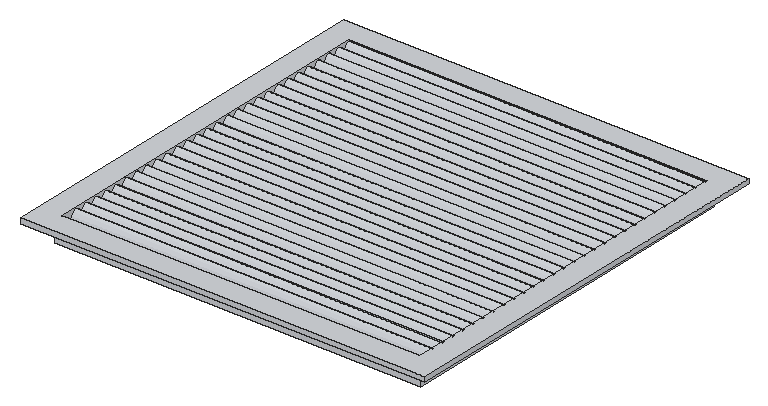
Revit family "R-1", category Air Terminals, host Face, Revit 2025
Family settings
  Host = Face
  Round Connector Dimension = Use Diameter
  Part Type = Normal
  Cut with Voids When Loaded = Yes
  Maintain Annotation Orientation = No
  Shared = No
  Room Calculation Point = No
Parameters (values of type "23RL")
  x = S - 1"  # 21 1/4"
  URL = "https://www.titus-hvac.com/products/Grilles/23RL"
  Type Comments = ""
  S - 3/4" = (S - 3/4") / 2  # 10 3/4"
  Model = "23RL"
  Manufacturer = "TITUS"
  Flow [instance] = 1200 CFM
  D' [instance] = D / 2  # 8"
  S - 1/2" = (S - 1/2") / 2  # 10 7/8"
  S + 1 3/4" = (S + 1 3/4") / 2  # 12"
  S = 22 1/4"
  Default Elevation = 48"
  D [instance] = 16"
  Blade Count = rounddown(S / (3/4")) - 1  # 28
Reference planes (in)
  plane 1 "Center (Front/Back)": y = 0
  plane 2: z = 0
  plane 3 "Center (Left/Right)": x = 0
  plane 4: y = 10.625
  plane 5: y = -10.625
  plane 6: x = 0
  plane 7: y = 0
Forms (in)
  Sweep 1, solid, detail levels medium+fine
    path origin (0, 0, 0) x (1, 0, 0) y (0, 1, 0)
      loop
        line (-11.125, 11.125) -> (-11.125, -11.125) -> (11.125, -11.125) -> (11.125, 11.125) -> (-11.125, 11.125)
    profile origin (0, 11.125, 0) x (0, 1, 0) y (0, 0, 1)
      loop
        line (-0.5, 0.125) -> (-0.5, -1.125) -> (-0.375, -1.125) -> (-0.375, 0) -> (0.75, 0) -> (0.75, -0.15671) -> (0.875, -0.15671) -> (0.875, 0.125) -> (-0.5, 0.125)
      loop
        line (-0.33748, -0.875) -> (-0.33748, -1.17973) -> (-3.25, -1.17973) -> (-3.25, -2.75) -> (-2.69819, -2.75) -> (-2.69819, -2.625) -> (-3.125, -2.625) -> (-3.125, -1.30473) -> (-0.25, -1.30473) -> (-0.25, -0.875) -> (-0.33748, -0.875)
  Extrusion 2, void
    sketch origin (0, 0, 0) x (1, 0, 0) y (0, 1, 0)
      loop
        line (-11.625, 11.625) -> (-11.625, -11.625) -> (11.625, -11.625) -> (11.625, 11.625) -> (-11.625, 11.625)
    from -0.875 to 0.37471
Lines and regions (in)
  symbolic lines, not visible
    curve 1: line (-18.4983, 15.79612, 0) -> (19.7517, 15.79612, 0)
    curve 2: line (-18.4983, -20.95388, 0) -> (-18.4983, 15.79612, 0)
    curve 3: line (19.7517, -20.95388, 0) -> (-18.4983, -20.95388, 0)
    curve 4: line (19.7517, 15.79612, 0) -> (19.7517, -20.95388, 0)
Dimensions and locks (in)
  equal spacing: Sweep 1 sketch curve, plane 3 "Center (Left/Right)", Sweep 1 sketch curve
  equal spacing: Sweep 1 sketch curve, plane 1 "Center (Front/Back)", Sweep 1 sketch curve
  "S": Sweep 1 sketch curve to Sweep 1 sketch curve  (x2)
  "S - 3/4"": plane 1 "Center (Front/Back)" to Sweep 1 sketch curve
  "S - 1/2"": plane 1 "Center (Front/Back)" to Sweep 1 sketch curve
  "S + 1 3/4"": plane 1 "Center (Front/Back)" to Sweep 1 sketch curve
  Sweep 1 sketch curve to plane 2 = 1 1/8"
  Sweep 1 sketch curve to Sweep 1 sketch curve = 2 7/8"
  "D'": plane 1 "Center (Front/Back)" to Sweep 1 sketch curve
  Sweep 1 sketch curve to Sweep 1 sketch curve = 1/8"  (x5)
  Sweep 1 sketch curve to Sweep 1 sketch curve = 0.28171"
  equal spacing: plane 5, plane 1 "Center (Front/Back)", plane 4
  "x": plane 5 to plane 4
  aligned and locked: plane 2 to host face
  aligned and locked: level to host face
  aligned and locked: nested 1 to plane 4
  aligned and locked: plane 5 to nested 1
  aligned and locked: plane 1 "Center (Front/Back)" to nested 2
Automatic sketch dimensions
  host sketch curve to host sketch curve = 96"  (x2)
  Extrusion 2 sketch curve to plane 3 "Center (Left/Right)" = 11 5/8"
  plane 3 "Center (Left/Right)" to Extrusion 2 sketch curve = 11 5/8"
  plane 1 "Center (Front/Back)" to Extrusion 2 sketch curve = 11 5/8"
  Extrusion 2 sketch curve to plane 1 "Center (Front/Back)" = 11 5/8"
  Sweep 1 sketch curve to level = 0"
  Sweep 1 sketch curve to Sweep 1 sketch curve = 0.42681"
  Sweep 1 sketch curve to Sweep 1 sketch curve = 0.08748"
  Sweep 1 sketch curve to Sweep 1 sketch curve = 1/8"
  Sweep 1 sketch curve to level = 1.30473"
  Sweep 1 sketch curve to Sweep 1 sketch curve = 1/4"
Nested families (in)
  nested 1: "Blades" at (0, 10.625, -0.88439) x (0, -1, 0) z (0, 0, 1), type "Family2", detail levels medium+fine
    with Width 21 1/4", built-in parameter 1001306 1.7708 (stored number, unit not read), Count 28
  nested 2: "Family4" at (0, 0, 0), type "Family4", detail levels coarse
Connectors (in)
  hvac at (0, 0, -2.75), driven by "D", driven by "D", driven by "Flow"
    settings: on Sweep 1, index 1, duct flow 1200 CFM, flow factor 0, pres drop 0.00 in-wg, loss coef 0, conn angle 0.00°, conn width 16", conn height 16", conn diameter 24", duct sys type 2, conn prof type 1, flow config 1, flow direction 1, loss method 4, conn ref index -1, conn util no, is conn primary yes, conn desc ""
Definition of nested family "Blades"
  Parameters (values of type "Family2")
    Width [instance] = 27.05847"
    built-in parameter 1001306 [instance] = Width  # 27.05847"
    Default Elevation = 0"
    Count [instance] = round([built-in parameter 1001306] / (3/4"))  # 36
  Reference planes (in)
    plane 1 "Center (Front/Back)": y = 0
    plane 2: z = 0
    plane 3 "Left": x = 0
    plane 4 "Right": x = 27.05847
    plane 5: x = 27.05847
  Lines and regions (in)
    reference lines
      curve 1: line (0, 0, 0) -> (27.05847, 0, 0)
  Dimensions and locks (in)
    "built-in parameter 1001306": plane 3 "Left" to plane 4 "Right"
    equal spacing: group 1, group 2, group 3, group 4, group 5, group 6, group 7, group 8, group 9, group 10, group 11, group 12, group 13, group 14, group 15, group 16, group 17, group 18, group 19, group 20, group 21, group 22, group 23, group 24, group 25, group 26, group 27, group 28, group 29, group 30, group 31, group 32, group 33, group 34, group 35, group 36  (x3)
    aligned and locked: plane 4 "Right" to curve 1
    aligned and locked: plane 1 "Center (Front/Back)" to curve 1
    aligned and locked: plane 3 "Left" to curve 1
    aligned and locked: level to plane 2
    aligned and locked: plane 5 to plane 4 "Right"
  Nested families (in)
    nested 1: "Family3" at (0, 0, 0) x (0, 1, 0) z (0, 0, 1), type "Family3"
      with Width 27.05847"
    nested 2: "Family3" at (0.75, 0, 0) x (0, 1, 0) z (0, 0, 1), type "Family3"
      with Width 27.05847"
    nested 3: "Family3" at (1.5, 0, 0) x (0, 1, 0) z (0, 0, 1), type "Family3"
      with Width 27.05847"
    nested 4: "Family3" at (2.25, 0, 0) x (0, 1, 0) z (0, 0, 1), type "Family3"
      with Width 27.05847"
    nested 5: "Family3" at (3, 0, 0) x (0, 1, 0) z (0, 0, 1), type "Family3"
      with Width 27.05847"
    nested 6: "Family3" at (3.75, 0, 0) x (0, 1, 0) z (0, 0, 1), type "Family3"
      with Width 27.05847"
    nested 7: "Family3" at (4.5, 0, 0) x (0, 1, 0) z (0, 0, 1), type "Family3"
      with Width 27.05847"
    nested 8: "Family3" at (5.25, 0, 0) x (0, 1, 0) z (0, 0, 1), type "Family3"
      with Width 27.05847"
    nested 9: "Family3" at (6, 0, 0) x (0, 1, 0) z (0, 0, 1), type "Family3"
      with Width 27.05847"
    nested 10: "Family3" at (6.75, 0, 0) x (0, 1, 0) z (0, 0, 1), type "Family3"
      with Width 27.05847"
    nested 11: "Family3" at (7.5, 0, 0) x (0, 1, 0) z (0, 0, 1), type "Family3"
      with Width 27.05847"
    nested 12: "Family3" at (8.25, 0, 0) x (0, 1, 0) z (0, 0, 1), type "Family3"
      with Width 27.05847"
    nested 13: "Family3" at (9, 0, 0) x (0, 1, 0) z (0, 0, 1), type "Family3"
      with Width 27.05847"
    nested 14: "Family3" at (9.75, 0, 0) x (0, 1, 0) z (0, 0, 1), type "Family3"
      with Width 27.05847"
    nested 15: "Family3" at (10.5, 0, 0) x (0, 1, 0) z (0, 0, 1), type "Family3"
      with Width 27.05847"
    nested 16: "Family3" at (11.25, 0, 0) x (0, 1, 0) z (0, 0, 1), type "Family3"
      with Width 27.05847"
    nested 17: "Family3" at (12, 0, 0) x (0, 1, 0) z (0, 0, 1), type "Family3"
      with Width 27.05847"
    nested 18: "Family3" at (12.75, 0, 0) x (0, 1, 0) z (0, 0, 1), type "Family3"
      with Width 27.05847"
    nested 19: "Family3" at (13.5, 0, 0) x (0, 1, 0) z (0, 0, 1), type "Family3"
      with Width 27.05847"
    nested 20: "Family3" at (14.25, 0, 0) x (0, 1, 0) z (0, 0, 1), type "Family3"
      with Width 27.05847"
    nested 21: "Family3" at (15, 0, 0) x (0, 1, 0) z (0, 0, 1), type "Family3"
      with Width 27.05847"
    nested 22: "Family3" at (15.75, 0, 0) x (0, 1, 0) z (0, 0, 1), type "Family3"
      with Width 27.05847"
    nested 23: "Family3" at (16.5, 0, 0) x (0, 1, 0) z (0, 0, 1), type "Family3"
      with Width 27.05847"
    nested 24: "Family3" at (17.25, 0, 0) x (0, 1, 0) z (0, 0, 1), type "Family3"
      with Width 27.05847"
    nested 25: "Family3" at (18, 0, 0) x (0, 1, 0) z (0, 0, 1), type "Family3"
      with Width 27.05847"
    nested 26: "Family3" at (18.75, 0, 0) x (0, 1, 0) z (0, 0, 1), type "Family3"
      with Width 27.05847"
    nested 27: "Family3" at (19.5, 0, 0) x (0, 1, 0) z (0, 0, 1), type "Family3"
      with Width 27.05847"
    nested 28: "Family3" at (20.25, 0, 0) x (0, 1, 0) z (0, 0, 1), type "Family3"
      with Width 27.05847"
    nested 29: "Family3" at (21, 0, 0) x (0, 1, 0) z (0, 0, 1), type "Family3"
      with Width 27.05847"
    nested 30: "Family3" at (21.75, 0, 0) x (0, 1, 0) z (0, 0, 1), type "Family3"
      with Width 27.05847"
    nested 31: "Family3" at (22.5, 0, 0) x (0, 1, 0) z (0, 0, 1), type "Family3"
      with Width 27.05847"
    nested 32: "Family3" at (23.25, 0, 0) x (0, 1, 0) z (0, 0, 1), type "Family3"
      with Width 27.05847"
    nested 33: "Family3" at (24, 0, 0) x (0, 1, 0) z (0, 0, 1), type "Family3"
      with Width 27.05847"
    nested 34: "Family3" at (24.75, 0, 0) x (0, 1, 0) z (0, 0, 1), type "Family3"
      with Width 27.05847"
    nested 35: "Family3" at (25.5, 0, 0) x (0, 1, 0) z (0, 0, 1), type "Family3"
      with Width 27.05847"
    nested 36: "Family3" at (26.25, 0, 0) x (0, 1, 0) z (0, 0, 1), type "Family3"
      with Width 27.05847"
  Definition of nested family "Family3"
    Parameters
      Width = 51.16047"
      Default Elevation = 0"
    Reference planes (in)
      plane 1 "Center (Front/Back)": y = 0
      plane 2: z = 0
      plane 3 "Center (Left/Right)": x = 0
      plane 4: x = -25.58024
      plane 5: x = 25.58024
      plane 6: y = 0.48061
      plane 7: y = 0
    Forms (in)
      Extrusion 1, solid
        sketch origin (0, 0, 0) x (0, 1, 0) y (0, 0, 1)
          loop
            spline (0, 0.97814) -> (0.06956, 0.94089) -> (0.13307, 0.8956) -> (0.19053, 0.84226) -> (0.24194, 0.78087) -> (0.28731, 0.71143) -> (0.32662, 0.63394) -> (0.35989, 0.54841) -> (0.38711, 0.45482) -> (0.40828, 0.35319) -> (0.4234, 0.24351) -> (0.43247, 0.12578) -> (0.4355, 0)
            line (0.4355, 0) -> (0.48061, 0)
            spline (0.48061, 0) -> (0.47971, 0.1242) -> (0.47254, 0.24097) -> (0.4591, 0.35031) -> (0.4394, 0.45221) -> (0.41343, 0.54669) -> (0.38119, 0.63374) -> (0.34268, 0.71336) -> (0.29791, 0.78555) -> (0.24686, 0.85031) -> (0.18956, 0.90763) -> (0.12598, 0.95753) -> (0.05613, 1)
            line (0.05613, 1) -> (0, 0.97814)
        from -25.58024 to 25.58024
    Dimensions and locks (in)
      equal spacing: plane 4, plane 3 "Center (Left/Right)", plane 5
      "Width": plane 4 to plane 5
      aligned and locked: plane 2 to level
      aligned and locked: Extrusion 1 to plane 4
      aligned and locked: Extrusion 1 to plane 5
      aligned and locked: plane 6 to Extrusion 1
    Automatic sketch dimensions
      Extrusion 1 sketch curve to plane 1 "Center (Front/Back)" = 0"
      Extrusion 1 sketch curve to level = 0"
      Extrusion 1 sketch curve to plane 1 "Center (Front/Back)" = 0.05613"
      Extrusion 1 sketch curve to plane 1 "Center (Front/Back)" = 0.4355"
      Extrusion 1 sketch curve to Extrusion 1 sketch curve = 0.04511"
      level to Extrusion 1 sketch curve = 0.97814"
      Extrusion 1 sketch curve to Extrusion 1 sketch curve = 0.02186"
Definition of nested family "Family4"
  Parameters
    Size = 24"
    Default Elevation = 0"
  Reference planes (in)
    plane 1 "Center (Front/Back)": y = 0
    plane 2: z = 0
    plane 3 "Center (Left/Right)": x = 0
  Lines and regions (in)
    symbolic lines
      curve 1: line (-12, 12, 0) -> (12, 12, 0)
      curve 2: line (-12, -12, 0) -> (-12, 12, 0)
      curve 3: line (12, -12, 0) -> (-12, -12, 0)
      curve 4: line (12, 12, 0) -> (12, -12, 0)
      curve 5: line (-12, 12, 0) -> (12, -12, 0)
  Dimensions and locks (in)
    equal spacing: curve 2, plane 3 "Center (Left/Right)", curve 4
    equal spacing: curve 3, plane 1 "Center (Front/Back)", curve 1
    "Size": curve 3 to curve 1
    "Size": curve 2 to curve 4
    aligned and locked: plane 2 to level
